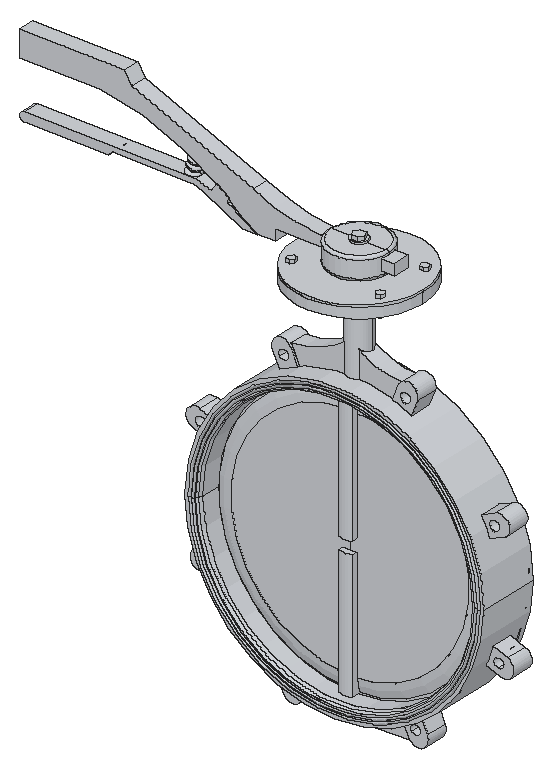
Revit family "R59FLX020", category Plumbing Fixtures, Revit 2015
Reference planes
  plane 1 "Center (Front/Back)": y = 0
  plane 2: z = 0
  plane 3 "Center (Left/Right)": x = 0
  plane 4: z = 237
  plane 5: x = -326
  plane 6: z = 336
  plane 7: z = -160
  plane 8: z = -30
  plane 9: z = 267
  plane 10: y = -30.238
  plane 11: y = 29.762
  plane 12: x = -28.994
Forms (mm)
  Extrusion 1, solid
    sketch origin (0, 0, 227) x (1, 0, 0) y (0, 1, 0)
      loop
        circle (0, 0) r 62.5
    from 0 to 10
  Extrusion 2, solid
    sketch origin (0, 45.948, -43.573) x (1, 0, 0) y (0, 0, 1)
      loop
        arc (-96.679, 319.319) -> (-155.338, 346.454) -> (-216.371, 367.714) r 659.286
        line (-216.371, 367.714) -> (-223.218, 379.573) -> (-326, 379.573) -> (-326, 353.639) -> (-247.687, 353.639)
        arc (-247.687, 353.639) -> (-166.02, 330.17) -> (-97.024, 280.573) r 248.649
        line (-97.024, 280.573) -> (-75.568, 280.573) -> (-75.568, 291.199) -> (41.486, 291.199) -> (41.486, 302.179) -> (-30.767, 302.179)
        arc (-30.767, 302.179) -> (-64.704, 306.978) -> (-96.679, 319.319) r 150.722
    from 37.966 to 54.11
  Extrusion 3, solid
    sketch origin (-57.783, 45.948, -113.087) x (1, 0, 0) y (0, 0, 1)
      loop
        line (-96.037, 377.009) -> (-263.953, 377.009)
        arc (-263.953, 377.009) -> (-268.221, 372.741) -> (-263.953, 368.473) r 4.268
        line (-263.953, 368.473) -> (-181.017, 368.473) -> (-177.189, 372.301) -> (-103.305, 372.301)
        arc (-103.305, 372.301) -> (-95.507, 371.471) -> (-88.058, 369.019) r 37.057
        arc (-88.058, 369.019) -> (-68.407, 360.05) -> (-49.241, 350.087) r 421.945
        line (-49.241, 350.087) -> (-34.866, 350.087)
        arc (-34.866, 350.087) -> (-48.985, 359.43) -> (-64, 367.252) r 162.429
        line (-64, 367.252) -> (-63.437, 371.843) -> (-74.98, 380.231) -> (-80.609, 372.485)
        arc (-80.609, 372.485) -> (-88.159, 375.309) -> (-96.037, 377.009) r 55.494
    from 37.966 to 54.11
  Extrusion 4, solid
    sketch origin (0, 0, -76.95) x (1, 0, 0) y (0, 1, 0)
      loop
        circle (0, 0) r 12
    from 215.951 to 303.95
  Revolve 5, solid
    sketch origin (0, 0, 0) x (0, 1, 0) y (0, 0, 1)
      loop
        line (11.11, 0) -> (-11.11, 0) -> (-11.11, -116.888)
        arc (-11.11, -116.888) -> (-10.278, -124.049) -> (-8, -130.888) r 35.103
        line (-8, -130.888) -> (-6, -130.888) -> (-6, -133.888) -> (0, -133.888) -> (6, -133.888) -> (6, -130.888) -> (8, -130.888)
        arc (8, -130.888) -> (10.278, -124.049) -> (11.11, -116.888) r 35.103
        line (11.11, -116.888) -> (11.11, 0)
      axis (11.11, 0) -> (-11.11, 0)
    angle from 0 to 360
  Blend 6, solid
    base sketch origin (0, 0, -4.163) x (1, 0, 0) y (0, 1, 0)
      loop
        line (-6.883, 16.4) -> (-6.883, -16.4)
        arc (-6.883, -16.4) -> (0, -18.078) -> (6.883, -16.4) r 14.953
        line (6.883, -16.4) -> (6.883, 16.4)
        arc (6.883, 16.4) -> (0, 18.078) -> (-6.883, 16.4) r 14.953
    top sketch origin (0, 0, 0) x (1, 0, 0) y (0, 1, 0)
      loop
        line (-6.883, 16.4) -> (-6.883, -16.4)
        arc (-6.883, -16.4) -> (0, -18.078) -> (6.883, -16.4) r 14.953
        line (6.883, -16.4) -> (6.883, 16.4)
        arc (6.883, 16.4) -> (0, 18.078) -> (-6.883, 16.4) r 14.953
    from 10.163 to 130.344
  Blend 7, solid
    base sketch origin (0, 0, -38.601) x (0, -1, 0) y (1, 0, 0)
      loop
        line (-16.4, -6.883) -> (16.4, -6.883)
        arc (16.4, -6.883) -> (18.078, 0) -> (16.4, 6.883) r 14.953
        line (16.4, 6.883) -> (-16.4, 6.883)
        arc (-16.4, 6.883) -> (-18.078, 0) -> (-16.4, -6.883) r 14.953
    top sketch origin (0, 0, -35.117) x (0, -1, 0) y (1, 0, 0)
      loop
        line (-16.4, -6.883) -> (16.4, -6.883)
        arc (16.4, -6.883) -> (18.078, 0) -> (16.4, 6.883) r 14.953
        line (16.4, 6.883) -> (-16.4, 6.883)
        arc (-16.4, 6.883) -> (-18.078, 0) -> (-16.4, -6.883) r 14.953
    from -92.335 to 29.117
  Extrusion 8, solid
    sketch origin (-36.07, 0, 75.328) x (0.99863, 0, -0.052336) y (0.052336, 0, 0.99863)
      loop
        line (-18.251, 60.114) -> (-25.459, 74.264)
        arc (-25.459, 74.264) -> (-38.908, 78.635) -> (-43.28, 65.186) r 10
        line (-43.28, 65.186) -> (-36.072, 51.036) -> (-18.251, 60.114)
      loop
        circle (-32.1, 65.269) r 5
    from -10.546 to 10.991
  Extrusion 9, solid
    sketch origin (27.76, 0, 78.77) x (0.669131, 0, -0.743145) y (0.743145, 0, 0.669131)
      loop
        line (-18.251, 60.114) -> (-25.459, 74.264)
        arc (-25.459, 74.264) -> (-38.908, 78.635) -> (-43.28, 65.186) r 10
        line (-43.28, 65.186) -> (-36.072, 51.036) -> (-18.251, 60.114)
      loop
        circle (-32.1, 65.269) r 5
    from -10.546 to 10.991
  Extrusion 10, solid
    sketch origin (75.328, 0, 36.07) x (-0.052336, 0, -0.99863) y (0.99863, 0, -0.052336)
      loop
        line (-18.251, 60.114) -> (-25.459, 74.264)
        arc (-25.459, 74.264) -> (-38.908, 78.635) -> (-43.28, 65.186) r 10
        line (-43.28, 65.186) -> (-36.072, 51.036) -> (-18.251, 60.114)
      loop
        circle (-32.1, 65.269) r 5
    from -10.546 to 10.991
  Extrusion 11, solid
    sketch origin (78.77, 0, -27.76) x (-0.743145, 0, -0.669131) y (0.669131, 0, -0.743145)
      loop
        line (-18.251, 60.114) -> (-25.459, 74.264)
        arc (-25.459, 74.264) -> (-38.908, 78.635) -> (-43.28, 65.186) r 10
        line (-43.28, 65.186) -> (-36.072, 51.036) -> (-18.251, 60.114)
      loop
        circle (-32.1, 65.269) r 5
    from -10.546 to 10.991
  Extrusion 12, solid
    sketch origin (36.07, 0, -75.328) x (-0.99863, 0, 0.052336) y (-0.052336, 0, -0.99863)
      loop
        line (-18.251, 60.114) -> (-25.459, 74.264)
        arc (-25.459, 74.264) -> (-38.908, 78.635) -> (-43.28, 65.186) r 10
        line (-43.28, 65.186) -> (-36.072, 51.036) -> (-18.251, 60.114)
      loop
        circle (-32.1, 65.269) r 5
    from -10.546 to 10.991
  Extrusion 13, solid
    sketch origin (-27.76, 0, -78.77) x (-0.669131, 0, 0.743145) y (-0.743145, 0, -0.669131)
      loop
        line (-18.251, 60.114) -> (-25.459, 74.264)
        arc (-25.459, 74.264) -> (-38.908, 78.635) -> (-43.28, 65.186) r 10
        line (-43.28, 65.186) -> (-36.072, 51.036) -> (-18.251, 60.114)
      loop
        circle (-32.1, 65.269) r 5
    from -10.546 to 10.991
  Extrusion 14, solid
    sketch origin (-75.328, 0, -36.07) x (0.052336, 0, 0.99863) y (-0.99863, 0, 0.052336)
      loop
        line (-18.251, 60.114) -> (-25.459, 74.264)
        arc (-25.459, 74.264) -> (-38.908, 78.635) -> (-43.28, 65.186) r 10
        line (-43.28, 65.186) -> (-36.072, 51.036) -> (-18.251, 60.114)
      loop
        circle (-32.1, 65.269) r 5
    from -10.546 to 10.991
  Extrusion 15, solid
    sketch origin (-78.77, 0, 27.76) x (0.743145, 0, 0.669131) y (-0.669131, 0, 0.743145)
      loop
        line (-18.251, 60.114) -> (-25.459, 74.264)
        arc (-25.459, 74.264) -> (-38.908, 78.635) -> (-43.28, 65.186) r 10
        line (-43.28, 65.186) -> (-36.072, 51.036) -> (-18.251, 60.114)
      loop
        circle (-32.1, 65.269) r 5
    from -10.546 to 10.991
  Extrusion 16, solid
    sketch origin (80.376, -27.447, 239) x (0, -1, 0) y (1, 0, 0)
      loop
        line (3.99, -123.113) -> (0.805, -120.344) -> (-3.184, -121.718) -> (-3.99, -125.86) -> (-0.805, -128.628) -> (3.184, -127.254) -> (3.99, -123.113)
    from 0 to 3
  Extrusion 17, solid
    sketch origin (80.376, -27.447, 219) x (0, -1, 0) y (1, 0, 0)
      loop
        circle (0, -124.486) r 3
    from 2.505 to 20
  Extrusion 18, solid
    sketch origin (80.376, -27.447, 226) x (0, -1, 0) y (1, 0, 0)
      loop
        line (3.99, -123.113) -> (0.805, -120.344) -> (-3.184, -121.718) -> (-3.99, -125.86) -> (-0.805, -128.628) -> (3.184, -127.254) -> (3.99, -123.113)
      loop
        line (-3.444, -125.672) -> (-0.695, -128.061) -> (2.749, -126.876) -> (3.444, -123.301) -> (0.695, -120.911) -> (-2.749, -122.097) -> (-3.444, -125.672)
    from -1.968 to 1
  Extrusion 19, solid, not visible
    sketch origin (26.117, -96.518, 104.233) x (0, -1, 0) y (1, 0, 0)
      loop
        line (3.99, -123.113) -> (0.805, -120.344) -> (-3.184, -121.718) -> (-3.99, -125.86) -> (-0.805, -128.628) -> (3.184, -127.254) -> (3.99, -123.113)
    from 0 to 3
  Extrusion 20, solid, not visible
    sketch origin (26.117, -96.518, 84.233) x (0, -1, 0) y (1, 0, 0)
      loop
        circle (0, -124.486) r 3
    from 2.505 to 20
  Extrusion 21, solid, not visible
    sketch origin (26.117, -96.518, 91.233) x (0, -1, 0) y (1, 0, 0)
      loop
        line (3.99, -123.113) -> (0.805, -120.344) -> (-3.184, -121.718) -> (-3.99, -125.86) -> (-0.805, -128.628) -> (3.184, -127.254) -> (3.99, -123.113)
      loop
        line (-3.444, -125.672) -> (-0.695, -128.061) -> (2.749, -126.876) -> (3.444, -123.301) -> (0.695, -120.911) -> (-2.749, -122.097) -> (-3.444, -125.672)
    from -1.968 to 1
  Extrusion 22, solid
    sketch origin (0, 0, 237) x (1, 0, 0) y (0, 1, 0)
      loop
        circle (0, 0) r 62.5
    from 0 to 2
  Extrusion 23, solid
    sketch origin (80.376, -27.447, 239) x (0, -1, 0) y (1, 0, 0)
      loop
        line (-58.884, -123.113) -> (-58.079, -127.254) -> (-54.09, -128.628) -> (-50.905, -125.86) -> (-51.71, -121.718) -> (-55.7, -120.344) -> (-58.884, -123.113)
    from 0 to 3
  Extrusion 24, solid
    sketch origin (80.376, -27.447, 219) x (0, -1, 0) y (1, 0, 0)
      loop
        circle (-54.895, -124.486) r 3
    from 2.505 to 20
  Extrusion 25, solid
    sketch origin (80.376, -27.447, 226) x (0, -1, 0) y (1, 0, 0)
      loop
        line (-58.884, -123.113) -> (-58.079, -127.254) -> (-54.09, -128.628) -> (-50.905, -125.86) -> (-51.71, -121.718) -> (-55.7, -120.344) -> (-58.884, -123.113)
      loop
        line (-51.451, -125.672) -> (-52.146, -122.097) -> (-55.59, -120.911) -> (-58.339, -123.301) -> (-57.644, -126.876) -> (-54.2, -128.061) -> (-51.451, -125.672)
    from -1.968 to 1
  Extrusion 26, solid
    sketch origin (-81.626, 27.447, 239) x (0, 1, 0) y (-1, 0, 0)
      loop
        line (-58.884, -123.113) -> (-58.079, -127.254) -> (-54.09, -128.628) -> (-50.905, -125.86) -> (-51.71, -121.718) -> (-55.7, -120.344) -> (-58.884, -123.113)
    from 0 to 3
  Extrusion 27, solid
    sketch origin (-81.626, 27.447, 219) x (0, 1, 0) y (-1, 0, 0)
      loop
        circle (-54.895, -124.486) r 3
    from 2.505 to 20
  Extrusion 28, solid
    sketch origin (-81.626, 27.447, 226) x (0, 1, 0) y (-1, 0, 0)
      loop
        line (-58.884, -123.113) -> (-58.079, -127.254) -> (-54.09, -128.628) -> (-50.905, -125.86) -> (-51.71, -121.718) -> (-55.7, -120.344) -> (-58.884, -123.113)
      loop
        line (-51.451, -125.672) -> (-52.146, -122.097) -> (-55.59, -120.911) -> (-58.339, -123.301) -> (-57.644, -126.876) -> (-54.2, -128.061) -> (-51.451, -125.672)
    from -1.968 to 1
  Extrusion 29, solid
    sketch origin (-81.626, 27.447, 239) x (0, 1, 0) y (-1, 0, 0)
      loop
        line (3.99, -123.113) -> (0.805, -120.344) -> (-3.184, -121.718) -> (-3.99, -125.86) -> (-0.805, -128.628) -> (3.184, -127.254) -> (3.99, -123.113)
    from 0 to 3
  Extrusion 30, solid
    sketch origin (-81.626, 27.447, 219) x (0, 1, 0) y (-1, 0, 0)
      loop
        circle (0, -124.486) r 3
    from 2.505 to 20
  Extrusion 31, solid
    sketch origin (-81.626, 27.447, 226) x (0, 1, 0) y (-1, 0, 0)
      loop
        line (3.99, -123.113) -> (0.805, -120.344) -> (-3.184, -121.718) -> (-3.99, -125.86) -> (-0.805, -128.628) -> (3.184, -127.254) -> (3.99, -123.113)
      loop
        line (-3.444, -125.672) -> (-0.695, -128.061) -> (2.749, -126.876) -> (3.444, -123.301) -> (0.695, -120.911) -> (-2.749, -122.097) -> (-3.444, -125.672)
    from -1.968 to 1
  Extrusion 32, solid
    sketch origin (125.063, -27.447, 264.144) x (0, -1, 0) y (1, 0, 0)
      loop
        line (-32.638, -122.069) -> (-32.638, -128.062) -> (-27.447, -131.059) -> (-22.257, -128.062) -> (-22.257, -122.069) -> (-27.447, -119.072) -> (-32.638, -122.069)
    from -1.014 to 2.856
  Extrusion 33, solid
    sketch origin (124.477, -54.895, 259.2) x (0, -1, 0) y (1, 0, 0)
      loop
        circle (-54.895, -124.486) r 8
    from -22.2 to 3.931
  Sweep 34, solid
    path origin (0, 0, 0) x (1, 0, 0) y (0, 0, 1)
      loop
        circle (0, 0) r 147
    profile origin (0, 0, -147) x (0, 0, 1) y (0, -1, 0)
      loop
        line (0.625, 30.238) -> (0.625, -29.762) -> (3.952, -29.762)
        arc (3.952, -29.762) -> (4.966, -30.776) -> (5.98, -29.762) r 1.014
        line (5.98, -29.762) -> (7.253, -29.762)
        arc (7.253, -29.762) -> (8.267, -30.776) -> (9.28, -29.762) r 1.014
        line (9.28, -29.762) -> (10.888, -29.762) -> (12.517, -27.42) -> (13.454, -23.923) -> (13.454, 24.399) -> (12.517, 27.896) -> (10.888, 30.238) -> (9.28, 30.238)
        arc (9.28, 30.238) -> (8.267, 31.252) -> (7.253, 30.238) r 1.014
        line (7.253, 30.238) -> (5.98, 30.238)
        arc (5.98, 30.238) -> (4.966, 31.252) -> (3.952, 30.238) r 1.014
        line (3.952, 30.238) -> (0.625, 30.238)
  Extrusion 35, solid
    sketch origin (0, 0, 83.715) x (1, 0, 0) y (0, 0, 1)
      loop
        line (-54.957, 51.425) -> (42.349, 51.425) -> (51.106, 74.229)
        arc (51.106, 74.229) -> (24.372, 78.6) -> (1.583, 93.246) r 66.671
        line (1.583, 93.246) -> (1.583, 72.112) -> (-1.691, 72.112) -> (-1.691, 93.246)
        arc (-1.691, 93.246) -> (-30.005, 76.715) -> (-62.107, 70.046) r 101.752
        line (-62.107, 70.046) -> (-54.957, 51.425)
    from -7.881 to 9.454
  Extrusion 36, solid
    sketch origin (-2.813, 0.293, -41.182) x (1, 0, 0) y (0, 0, 1)
      loop
        line (63.15, -112.222) -> (55.942, -96.032) -> (-40.634, -96.032) -> (-48.346, -116.116) -> (63.15, -112.222)
    from -9.388 to 9.974
  Revolve 37, solid
    sketch origin (0, 0, 97) x (1, 0, 0) y (0, 0, 1)
      loop
        line (-26.486, 143.746) -> (0, 143.746) -> (0, 165) -> (-26.486, 165)
        arc (-26.486, 165) -> (-28.259, 164.265) -> (-28.994, 162.492) r 2.508
        line (-28.994, 162.492) -> (-28.994, 146.254)
        arc (-28.994, 146.254) -> (-28.259, 144.481) -> (-26.486, 143.746) r 2.508
      axis (0, 143.746) -> (0, 165)
    angle from 0 to 360
  Sweep 38, solid
    path origin (-68.156, 0, 263.496) x (0.978732, 0, -0.205142) y (0, 1, 0)
      loop
        circle (-92.344, 0) r 5
    profile origin (-158.536, 5, 282.439) x (0, -1, 0) y (0.205142, 0, 0.978732)
      loop
        circle (0, 0) r 2
  Sweep 39, solid
    path origin (-69.24, 0, 257.236) x (0.978732, 0, -0.205142) y (0, 1, 0)
      loop
        circle (-92.344, 0) r 5
    profile origin (-159.62, 5, 276.18) x (0, -1, 0) y (0.205142, 0, 0.978732)
      loop
        circle (0, 0) r 2
  Sweep 40, solid
    path origin (-70.258, 0, 251.62) x (0.978732, 0, -0.205142) y (0, 1, 0)
      loop
        circle (-92.344, 0) r 5
    profile origin (-160.638, 5, 270.564) x (0, -1, 0) y (0.205142, 0, 0.978732)
      loop
        circle (0, 0) r 2
  Sweep 41, solid
    path origin (-71.686, 0, 244.994) x (0.978732, 0, -0.205142) y (0, 1, 0)
      loop
        circle (-92.344, 0) r 5
    profile origin (-162.066, 5, 263.938) x (0, -1, 0) y (0.205142, 0, 0.978732)
      loop
        circle (0, 0) r 2
Dimensions and locks
  locked: plane 2 to plane 4 at 237
  plane 3 "Center (Left/Right)" to plane 5 = 326 mm
  locked: level to plane 6 at 336
  plane 7 to level = 160 mm
  locked: plane 4 to plane 9 at 30
  plane 11 to plane 10 = 60 mm
  aligned and locked: level to plane 2
